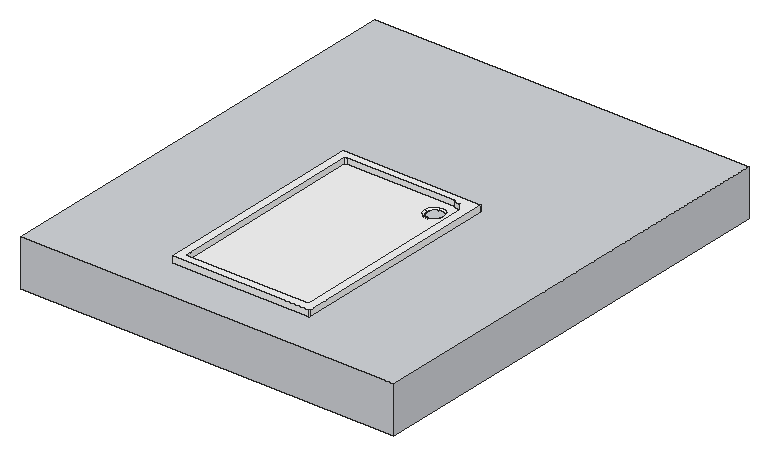
Revit family "IS_ConnectAir_E1061_BIM_DE", category Plumbing Fixtures, host Face, Revit 2014
Parameters (values of type "E106101 - Connect Air rectangular shower tray")
  WarrantyStartDate [instance] = "1900-12-31T23:59:59"
  WarrantyGuarantorParts = "idealstandard.de@idealstandard.com"
  WarrantyGuarantorLabor = "n/a"
  WarrantyDurationUnit = "year"
  WarrantyDurationParts = "n/a"
  WarrantyDurationLabor = "n/a"
  WarrantyDescription = "Manufacturers Warranty"
  VolumeUnits = "Litres"
  Version = "1"
  Uniclass2015Version = "Products v1.1"
  Uniclass2015Title = "Shower trays"
  Uniclass2015Code = "Pr_40_20_06_84"
  URL = "www.idealstandard.com"
  Type Comments = "n/a"
  TagNumber [instance] = "n/a"
  TMV3 = no
  SustainabilityPerformance = "n/a"
  SpareParts = "www.idealstandard.de/ersatzteile"
  Space = "Internal"
  Size = "1400x900x45mm"
  ShowerType = "n/a"
  ShowerHeadDescription = "n/a"
  Shape = "Rectangular"
  SerialNumber [instance] = "n/a"
  Revision = "n/a"
  ReplacementCost = "n/a"
  ProductInformation = "www.idealstandard.de/produkte"
  Phone = "+49228 5210"
  NominalWidth = 900 mm
  NominalLength = 1400 mm
  NominalHeight = 50 mm
  NettWeight = "26 kg"
  Name = "ShowerTrays_ConnectAir_E106101_IdealStandard"
  NBSTypeID = "n/a"
  NBSReference = "45-35-70/336"
  NBSOfficeMasterTag = "n/a"
  NBSNote = "n/a"
  NBSDescription = "Shower trays"
  NBSCertification = "n/a"
  ModelReference = Description  # "Connect Air rectangular shower tray"
  ModelNumber = Model  # "E106101"
  MaterialThickness = 0 mm
  Material = "Acrylic"
  ManufacturerURL = "www.idealstandard.com"
  LinearUnits = "millimeters"
  Keynote = "n/a"
  InstallationInstructions = "www.idealstandard.de/produkte"
  InstallationDate [instance] = "1900-12-31T23:59:59"
  IfcExportType = "SHOWER"
  IfcExportAs = "IfcSanitaryTerminalType"
  Help = "idealstandard.de@idealstandard.com"
  HasTray = yes
  HWFU = 0
  GrossWeight = "n/a"
  Grade = "n/a"
  Finish = "white"
  Features = "Connect Air rectangular shower tray"
  ExpectedLife = "25"
  DurationUnit = "year"
  DrainSize = 90 mm
  CurrencyUnit = "n/a"
  CreatedOn = "2016-11-09"
  Cost = 0
  Constituents = "n/a"
  ConnectionType = "Plumbing"
  Color = "White"
  CodePerformance = "DIN EN 14527, DIN EN 251, DIN EN 249"
  Category = "SanitaryTerminal_SHOWER"
  Reference = "n/a"
  Model = "E106101"
  Manufacturer = "idealstandard.de@idealstandard.com"
  Description = "Connect Air rectangular shower tray"
  Default Elevation = 0 mm
  CWFU = 0
  Brand = "Ideal Standard"
  BarCode = "5017830518723"
  BIMObjectName = "ISI_IdealStandard_ShowerTrays_ConnectAir_E106101"
  Author = "Ideal Standard GmbH"
  AssetType = "Fixed"
  AssetIdentifier [instance] = "n/a"
  Assembly Code = "C1030200"
  AreaUnits = "millimeters"
  AreaMeasurement = "n/a"
  Accessories = "www.idealstandard.de\\ersatzteile"
  AccessibilityPerformance = "n/a"
Reference planes
  plane 1 "Center (Front/Back)": y = 0
  plane 2: z = 0
  plane 3 "Center (Left/Right)": x = 0
  plane 4: x = 450
  plane 5: x = -450
  plane 6: y = -1400
  plane 7: y = -50
  plane 8: x = 400
  plane 9: y = -1350
  plane 10: x = -400
  plane 11: z = 40
  plane 12: z = 5
  plane 13: z = -10
  plane 14: x = 280
  plane 15: y = -170
Forms (mm)
  Extrusion 1, solid
    sketch origin (0, 0, 0) x (1, 0, 0) y (0, 1, 0)
      loop
        line (-1219.2, 1219.2) -> (-1219.2, -1675.917) -> (1219.2, -1675.917) -> (1219.2, 1219.2) -> (-1219.2, 1219.2)
    from 0 to -304.8
  Extrusion 2, solid, material "IS_RenderMaterial_VitreousChina"
    sketch origin (0, 0, 0) x (1, 0, 0) y (0, 1, 0)
      loop
        arc (-444, 0) -> (-448.243, -1.757) -> (-450, -6) r 6
        line (-450, -6) -> (-450, -1394)
        arc (-450, -1394) -> (-448.243, -1398.243) -> (-444, -1400) r 6
        line (-444, -1400) -> (444, -1400)
        arc (444, -1400) -> (448.243, -1398.243) -> (450, -1394) r 6
        line (450, -1394) -> (450, -6)
        arc (450, -6) -> (448.243, -1.757) -> (444, 0) r 6
        line (444, 0) -> (-444, 0)
    from 0 to 40
  Extrusion 3, void
    sketch origin (0, 0, 40) x (0, 1, 0) y (1, 0, 0)
      loop
        line (-50, -390) -> (-50, 310)
        arc (-50, 310) -> (-76.36, 373.64) -> (-140, 400) r 90
        line (-140, 400) -> (-1340, 400)
        arc (-1340, 400) -> (-1347.071, 397.071) -> (-1350, 390) r 10
        line (-1350, 390) -> (-1350, -390)
        arc (-1350, -390) -> (-1347.071, -397.071) -> (-1340, -400) r 10
        line (-1340, -400) -> (-60, -400)
        arc (-60, -400) -> (-52.929, -397.071) -> (-50, -390) r 10
    from 0 to 35
  Blend 4, solid, material "IS_RenderMaterial_VitreousChina"
    base sketch origin (0, -1419.631, 5) x (-1, 0, 0) y (0, -1, 0)
      loop
        line (400, -1369.631) -> (400, -69.631) -> (-400, -69.631) -> (-400, -1369.631) -> (400, -1369.631)
    top sketch origin (0, -1419.631, 5) x (-1, 0, 0) y (0, -1, 0)
      loop
        line (-280, -1304.631) -> (-232.369, -1277.131) -> (-232.369, -1222.131) -> (-280, -1194.631) -> (-327.631, -1222.131) -> (-327.631, -1277.131) -> (-280, -1304.631)
    from -5 to -15
  Revolve 5, void
    sketch origin (215.053, -170, 1219.2) x (-1, 0, 0) y (0, 0, 1)
      loop
        line (-64.947, -1229.2) -> (-19.947, -1229.2) -> (-19.947, -1223.19) -> (-2.995, -1214.2) -> (-64.947, -1214.2) -> (-64.947, -1229.2)
      axis (-64.947, -1229.2) -> (-64.947, -1214.2)
    angle from 0 to 360
  Blend 6, void
    base sketch origin (0, 0, 5) x (0, 1, 0) y (-1, 0, 0)
      loop
        line (-50, 400) -> (-1350, 400) -> (-1350, -400) -> (-50, -400) -> (-50, 400)
    top sketch origin (0, 0, 5) x (0, 1, 0) y (-1, 0, 0)
      loop
        line (-115, -280) -> (-142.5, -232.369) -> (-197.5, -232.369) -> (-225, -280) -> (-197.5, -327.631) -> (-142.5, -327.631) -> (-115, -280)
    from -5 to -15
Cuts and joins
  Extrusion 3, Revolve 5 cuts Extrusion 2
  Revolve 5 cuts Blend 4
  joined: Extrusion 2, Blend 4
Dimensions and locks
  "NominalWidth": plane 4 to plane 5
  "NominalHeight": plane 11 to plane 13
  "NominalLength": plane 1 "Center (Front/Back)" to plane 6
  aligned and locked: plane 2 to Extrusion 1
  aligned and locked: level to Extrusion 1
  aligned and locked: plane 1 "Center (Front/Back)" to Extrusion 2 sketch curve
  aligned and locked: plane 5 to Extrusion 2 sketch curve
  aligned and locked: plane 6 to Extrusion 2 sketch curve
  aligned and locked: Extrusion 2 sketch curve to plane 4
  aligned and locked: plane 7 to Extrusion 3 sketch curve
  aligned and locked: plane 10 to Extrusion 3 sketch curve
  aligned and locked: plane 9 to Extrusion 3 sketch curve
  aligned and locked: plane 8 to Extrusion 3 sketch curve
  aligned and locked: Extrusion 3 to plane 12
  aligned and locked: level to Blend 4
  aligned and locked: Blend 6 to cut or joined group of Extrusion 2, Extrusion 3, Blend 4, Revolve 5
  aligned and locked: level to Blend 6
Automatic sketch dimensions
  Extrusion 1 sketch curve to Extrusion 1 sketch curve = 2438.4 mm
  Extrusion 1 sketch curve to Extrusion 1 sketch curve = 2895.117 mm
  plane 5 to Extrusion 2 sketch curve = 6 mm
  Extrusion 2 sketch curve to Extrusion 2 sketch curve = 6 mm
  Extrusion 2 sketch curve to plane 4 = 6 mm  (x2)
  Extrusion 3 sketch curve to Extrusion 3 sketch curve = 10 mm  (x3)
  Extrusion 3 sketch curve to Extrusion 3 sketch curve = 90 mm
  Blend 4 sketch curve to plane 7 = 0 mm
  Blend 4 sketch curve to plane 8 = 0 mm
  Blend 4 sketch curve to plane 9 = 0 mm
  Blend 4 sketch curve to plane 10 = 0 mm
  Blend 4 sketch curve to plane 14 = 0 mm  (x2)
  plane 14 to Blend 4 sketch curve = 47.631 mm
  Blend 4 sketch curve to plane 14 = 47.631 mm
  plane 15 to Blend 4 sketch curve = 55 mm
  plane 15 to Blend 4 sketch curve = 27.5 mm  (x2)
  Blend 4 sketch curve to plane 15 = 27.5 mm  (x2)
  Blend 4 sketch curve to plane 15 = 55 mm
  Revolve 5 sketch curve to plane 13 = 0 mm
  Revolve 5 sketch curve to plane 14 = 0 mm  (x2)
  Revolve 5 sketch curve to plane 12 = 0 mm
  Revolve 5 sketch curve to level = 3.99 mm
  Revolve 5 sketch curve to plane 14 = 45 mm
  Revolve 5 sketch curve to Revolve 5 sketch curve = 16.952 mm
  plane 13 to Revolve 5 sketch curve = 10 mm
  Revolve 5 sketch curve to Revolve 5 sketch curve = 15 mm
  Blend 6 sketch curve to Extrusion 3 = 0 mm  (x4)
Connectors
  piping at (280, -170, -10), diameter 90
    settings: on cut or joined group of Extrusion 2, Extrusion 3, Blend 4, Revolve 5, index 1, connector inside diameter 24", connector length 0 mm, flow factor 0, pipe flow 0 GPM, pressure drop 0.00 psi, fitting loss kfactor 0, connector angle 0.00°, fixture units 0, engagement length 0 mm, angle of deflection 0.00°, flow configuration 2, flow direction 2, fitting loss method 0, system type 16, joint type 0, gender type 0, connector reference index -1, connector utility 0, adjustable connector no, is connector primary yes, connector description ""
